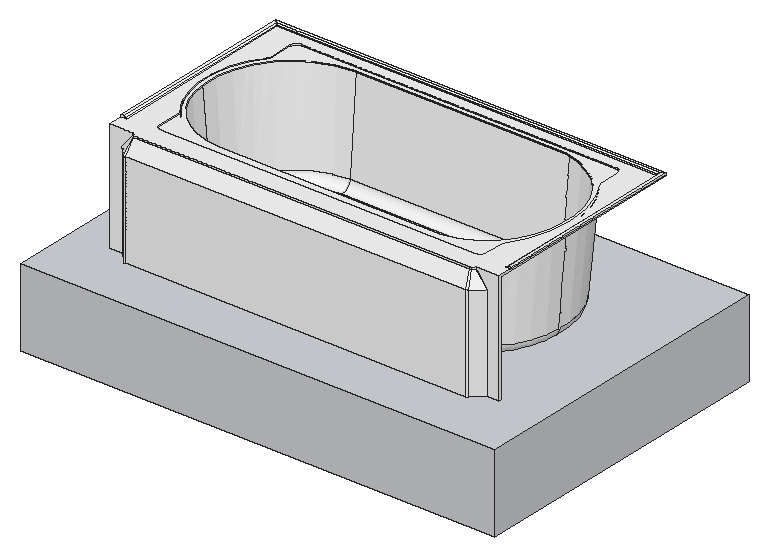
Revit family
Parameters (values of type "Cast_Iron-Safeguard-White-0")
  Width = 5' - 0"
  Waste Connection = yes
  WFU = 0
  Voltage = 220 V
  URL = "http://www.us.kohler.com"
  Sanitary Radius = 3/4"
  Sanitary Diameter = Sanitary Radius * 2  # 1 1/2"
  Sanitary Connector = "Sanitary Connection"  # constant formula
  Product Page URL = "http://www.us.kohler.com/onlinecatalog/detail.jsp?item=15670902&section=2&category=10"
  Product Documentation Link = "http://www.us.kohler.com/onlinecatalog/pdf/1143443_4.pdf"
  Phase = 1
  Model = "K-723-G0"  # constant formula
  Manufacturer = "Kohler"  # constant formula
  Length = 2' - 9 3/4"
  Height = 1' - 5 7/16"
  Frequency = 50 Hz
  Finish = Cast_Iron-Safeguard-Kohler-0-White
  Electrical Disconnect = no
  Electrical Connector = "Electrical Connection"  # constant formula
  Description = "Memoirs(R) 5' BubbleMassage(TM) baths with left-hand drain and White airjet color finish"  # constant formula
  Default Elevation = 0' - 0"
  Created By = "http://www.medialab3dstudio.com/"
  Cost = 1
  Assembly Code = "D2010510"
  Apparent Load = 0 VA
  ADA Compliant = no
Types (3): name | Finish
  (no name) | Cast_Iron-Safeguard-Kohler-0-White
  Cast_Iron-Safeguard-White-0 | Cast_Iron-Safeguard-Kohler-0-White
  Cast_Iron-Safeguard-Sea_Salt-FF | Cast_Iron-Safeguard-Kohler-FF-Sea_Salt
Reference planes (in)
  plane 1 "Back": y = 0
  plane 2 "Bottom": z = 0
  plane 3 "Center (Left/Right)": x = 0
  plane 4 "Left": x = -30
  plane 5 "Right": x = 30
  plane 6 "Center (Front/Back)": y = -16.875
  plane 7 "Front": y = -33.75
  plane 8 "Top": z = 17.4375
  plane 9: z = 16.9375
  plane 10: z = 17.1875
  plane 11: y = -32.03104
  plane 12: y = -31.7211
  plane 13: z = 14.72145
  plane 14: x = -28.16965
  plane 15: x = -26.61
  plane 16: x = -26.17231
  plane 17: x = 26.22224
  plane 18: x = 26.59693
  plane 19: x = 28.15659
  plane 20: x = 21.5
  plane 21: y = -16
  plane 22: z = 0.93861
  plane 23: z = 0.81359
  plane 24: z = 16.65238
  plane 25: y = -26.03215
  plane 26: y = -28.88016
  plane 27: y = -28.75468
  plane 28: z = 2.30923
  plane 29: y = -27.62443
  plane 30: y = -27.49982
  plane 31: y = -26.62627
  plane 32: y = -26.12627
  plane 33: x = 15.75
  plane 34: x = 13.75
  plane 35: y = -5.38045
  plane 36: y = -5.88045
  plane 37: x = -16.75
  plane 38: x = -14.75
  plane 39: y = -26.62627
  plane 40: y = -26.12627
  plane 41: y = -5.38045
  plane 42: y = -5.88045
  plane 43: z = 17.0625
  plane 44: z = 17.38026
  plane 45: z = 17.27231
  plane 46: x = -29.1875
  plane 47: x = -36
  plane 48: x = -35
  plane 49: y = -32.03104
  plane 50: y = -28.48711
  plane 51: x = -29.1875
  plane 52: x = 29.1875
  plane 53: x = 35
  plane 54: x = 36
  plane 55: x = -21.5
  plane 56: x = -21.5
Forms (in)
  Extrusion 1, solid
    sketch origin (0, 0, 0) x (1, 0, 0) y (0, 1, 0)
      loop
        line (-36, 7) -> (-36, -41.73328) -> (37.16759, -41.73328) -> (37.16759, 7) -> (-36, 7)
    from 0 to -12
  Extrusion 2, solid, material "Cast_Iron-Safeguard-Kohler-0-White" <- "Finish"
    sketch origin (0, 0, 0) x (1, 0, 0) y (0, 1, 0)
      loop
        line (-30, 0) -> (-30, -32.03104) -> (-26.45525, -32.03104)
        arc (-26.45525, -32.03104) -> (-26.40103, -32.06281) -> (-26.35358, -32.10401) r 0.34029
        line (-26.35358, -32.10401) -> (-26.04734, -32.41025)
        arc (-26.04734, -32.41025) -> (-25.95708, -32.47133) -> (-25.85059, -32.49447) r 0.28782
        line (-25.85059, -32.49447) -> (25.84136, -32.49447)
        arc (25.84136, -32.49447) -> (25.97142, -32.45962) -> (26.08172, -32.38239) r 0.3877
        line (26.08172, -32.38239) -> (26.38734, -32.07676)
        arc (26.38734, -32.07676) -> (26.42033, -32.05161) -> (26.45636, -32.03104) r 0.31264
        line (26.45636, -32.03104) -> (30, -32.03104) -> (30, 0) -> (-30, 0)
      loop
        arc (24.29901, -29.54823) -> (25.00612, -29.25534) -> (25.29901, -28.54823) r 1
        line (25.29901, -28.54823) -> (25.29901, -25.53103)
        arc (25.29901, -25.53103) -> (28.29803, -16.06443) -> (25.29901, -6.59782) r 16.44051
        line (25.29901, -6.59782) -> (25.29901, -3.45236)
        arc (25.29901, -3.45236) -> (25.00612, -2.74525) -> (24.29901, -2.45236) r 1
        line (24.29901, -2.45236) -> (-24.04737, -2.45236)
        arc (-24.04737, -2.45236) -> (-24.75447, -2.74525) -> (-25.04737, -3.45236) r 1
        line (-25.04737, -3.45236) -> (-25.04737, -7.27211)
        arc (-25.04737, -7.27211) -> (-28.04562, -16.00015) -> (-25.04737, -24.72818) r 14.20294
        line (-25.04737, -24.72818) -> (-25.04737, -28.49932)
        arc (-25.04737, -28.49932) -> (-24.74015, -29.24101) -> (-23.99846, -29.54823) r 1.04891
        line (-23.99846, -29.54823) -> (24.29901, -29.54823)
    from 16.9375 to 17.1875
  Extrusion 3, solid, material "Cast_Iron-Safeguard-Kohler-0-White" <- "Finish"
    sketch origin (0, 0, 0) x (1, 0, 0) y (0, 1, 0)
      loop
        line (-25.04737, -24.72818) -> (-25.04737, -28.49932)
        arc (-25.04737, -28.49932) -> (-24.74015, -29.24101) -> (-23.99846, -29.54823) r 1.04891
        line (-23.99846, -29.54823) -> (24.29901, -29.54823)
        arc (24.29901, -29.54823) -> (25.00612, -29.25534) -> (25.29901, -28.54823) r 1
        line (25.29901, -28.54823) -> (25.29901, -25.53103)
        arc (25.29901, -25.53103) -> (28.29803, -16.06443) -> (25.29901, -6.59782) r 16.44051
        line (25.29901, -6.59782) -> (25.29901, -3.45236)
        arc (25.29901, -3.45236) -> (25.00612, -2.74525) -> (24.29901, -2.45236) r 1
        line (24.29901, -2.45236) -> (-24.04737, -2.45236)
        arc (-24.04737, -2.45236) -> (-24.75447, -2.74525) -> (-25.04737, -3.45236) r 1
        line (-25.04737, -3.45236) -> (-25.04737, -7.27211)
        arc (-25.04737, -7.27211) -> (-28.04562, -16.00015) -> (-25.04737, -24.72818) r 14.20294
      loop
        arc (-27.29737, -16.875) -> (-23.97934, -24.88543) -> (-15.96891, -28.20345) r 11.32845
        line (-15.96891, -28.20345) -> (18.03109, -28.20345)
        arc (18.03109, -28.20345) -> (24.96807, -24.34325) -> (27.66034, -16.875) r 11.31277
        arc (27.66034, -16.875) -> (25.19543, -7.99083) -> (17.26878, -3.28207) r 12.36438
        line (17.26878, -3.28207) -> (-15.48122, -3.28207)
        arc (-15.48122, -3.28207) -> (-24.2827, -7.56333) -> (-27.29737, -16.875) r 12.49351
    from 16.9375 to 17.0625
  Extrusion 4, solid, material "Cast_Iron-Safeguard-Kohler-0-White" <- "Finish"
    sketch origin (0, 0, 0) x (0, 1, 0) y (0, 0, 1)
      loop
        line (-31.7211, 0) -> (-31.7211, 16.9375) -> (-32.03104, 16.9375) -> (-32.03104, 0) -> (-31.7211, 0)
    from -30 to 30
  Extrusion 5, solid, material "Cast_Iron-Safeguard-Kohler-0-White" <- "Finish"
    sketch origin (0, 0, 0) x (1, 0, 0) y (0, 1, 0)
      loop
        line (-28.16965, -32.03104) -> (-26.61, -33.5907)
        arc (-26.61, -33.5907) -> (-26.40881, -33.71886) -> (-26.17231, -33.75) r 0.55106
        line (-26.17231, -33.75) -> (26.22224, -33.75)
        arc (26.22224, -33.75) -> (26.41468, -33.71314) -> (26.57987, -33.60776) r 0.52072
        line (26.57987, -33.60776) -> (28.15659, -32.03104) -> (-28.16965, -32.03104)
    from 0 to 14.72145
  Sweep 6, solid, material "Cast_Iron-Safeguard-Kohler-0-White" <- "Finish"
    path in 3D
      loop
        arc (-15.96891, -28.20345, 17.0625) -> (-23.97934, -24.88543, 17.0625) -> (-27.29737, -16.875, 17.0625) r 11.32845
        arc (-27.29737, -16.875, 17.0625) -> (-24.2827, -7.56333, 17.0625) -> (-15.48122, -3.28207, 17.0625) r 12.49351
        line (-15.48122, -3.28207, 17.0625) -> (17.26878, -3.28207, 17.0625)
        arc (17.26878, -3.28207, 17.0625) -> (25.19543, -7.99083, 17.0625) -> (27.66034, -16.875, 17.0625) r 12.36438
        arc (27.66034, -16.875, 17.0625) -> (24.96807, -24.34325, 17.0625) -> (18.03109, -28.20345, 17.0625) r 11.31277
        line (18.03109, -28.20345, 17.0625) -> (-15.96891, -28.20345, 17.0625)
    profile origin (1.03109, -28.20345, 17.0625) x (0, -1, 0) y (0, 0, 1)
      loop
        line (0.71268, -0.125) -> (0.5872, -0.125) -> (-0.70363, -14.75327)
        arc (-0.70363, -14.75327) -> (-1.17469, -15.71997) -> (-2.1713, -16.12389) r 1.50177
        line (-2.1713, -16.12389) -> (-2.1713, -16.24891)
        arc (-2.1713, -16.24891) -> (-1.09024, -15.81213) -> (-0.57911, -14.76417) r 1.62677
        line (-0.57911, -14.76417) -> (0.71268, -0.125)
  Extrusion 7, solid, material "Cast_Iron-Safeguard-Kohler-0-White" <- "Finish"
    sketch origin (0, 0, 0) x (1, 0, 0) y (0, 1, 0)
      loop
        arc (-25.12556, -16.77841) -> (-22.47806, -23.31584) -> (-15.96891, -26.03215) r 9.15715
        line (-15.96891, -26.03215) -> (17.86001, -26.03215)
        arc (17.86001, -26.03215) -> (23.40604, -22.82659) -> (25.48655, -16.76808) r 9.14146
        arc (25.48655, -16.76808) -> (23.55916, -9.42734) -> (17.09317, -5.45337) r 10.19308
        line (17.09317, -5.45337) -> (-15.42405, -5.45337)
        arc (-15.42405, -5.45337) -> (-22.69287, -9.04447) -> (-25.12556, -16.77841) r 10.32221
    from 0.81359 to 0.93861
  Blend 8, solid, material "Cast_Iron-Safeguard-Kohler-0-White" <- "Finish"
    base sketch origin (0, 0, 0) x (1, 0, 0) y (0, 1, 0)
      loop
        line (-28.16965, -32.03104) -> (-26.61, -33.5907)
        arc (-26.61, -33.5907) -> (-26.40881, -33.71886) -> (-26.17231, -33.75) r 0.55106
        line (-26.17231, -33.75) -> (26.22224, -33.75)
        arc (26.22224, -33.75) -> (26.41468, -33.71314) -> (26.57987, -33.60776) r 0.52072
        line (26.57987, -33.60776) -> (28.15659, -32.03104) -> (-28.16965, -32.03104)
    top sketch origin (0, 0, 0) x (1, 0, 0) y (0, 1, 0)
      loop
        line (-26.35358, -32.10401) -> (-26.04734, -32.41025)
        arc (-26.04734, -32.41025) -> (-25.95708, -32.47133) -> (-25.85059, -32.49447) r 0.28782
        line (-25.85059, -32.49447) -> (25.84136, -32.49447)
        arc (25.84136, -32.49447) -> (25.97142, -32.45962) -> (26.08172, -32.38239) r 0.3877
        line (26.08172, -32.38239) -> (26.38734, -32.07676)
        arc (26.38734, -32.07676) -> (26.42033, -32.05161) -> (26.45636, -32.03104) r 0.31264
        line (26.45636, -32.03104) -> (-26.45525, -32.03104)
        arc (-26.45525, -32.03104) -> (-26.40103, -32.06281) -> (-26.35358, -32.10401) r 0.34029
    from 14.72145 to 16.9375
  Extrusion 9, solid, material "Cast_Iron-Safeguard-Kohler-0-White" <- "Finish"
    sketch origin (0, 0, 0) x (0, 1, 0) y (0, 0, 1)
      loop
        line (-26.12627, 0) -> (-26.12627, 0.93861) -> (-26.62627, 0.93861) -> (-26.62627, 0) -> (-26.12627, 0)
      loop
        line (-5.88045, 0.81359) -> (-5.88045, 0) -> (-5.38045, 0) -> (-5.38045, 0.81359) -> (-5.88045, 0.81359)
    from 13.75 to 15.75
  Extrusion 10, solid, material "Cast_Iron-Safeguard-Kohler-0-White" <- "Finish"
    sketch origin (0, 0, 0) x (0, 1, 0) y (0, 0, 1)
      loop
        line (-26.12627, 0) -> (-26.12627, 0.93861) -> (-26.62627, 0.93861) -> (-26.62627, 0) -> (-26.12627, 0)
      loop
        line (-5.88045, 0.81359) -> (-5.88045, 0) -> (-5.38045, 0) -> (-5.38045, 0.81359) -> (-5.88045, 0.81359)
    from -16.75 to -14.75
  Sweep 11, solid, material "Cast_Iron-Safeguard-Kohler-0-White" <- "Finish"
    path in 3D
      loop
        line (30, -29.80578, 17.1875) -> (30, 0, 17.1875) -> (-30, 0, 17.1875) -> (-30, -29.8029, 17.1875)
    profile origin (-30, -14.90145, 17.1875) x (1, 0, 0) y (0, 0, 1)
      loop
        line (0, 0) -> (0.8125, 0)
        arc (0.8125, 0) -> (0.71759, 0.03644) -> (0.62817, 0.08481) r 0.78753
        arc (0.62817, 0.08481) -> (0.51805, 0.14534) -> (0.40169, 0.19276) r 1.08749
        arc (0.40169, 0.19276) -> (0.20354, 0.24028) -> (0, 0.25) r 1.08749
        line (0, 0.25) -> (0, 0)
  Extrusion 12, solid, material "Cast_Iron-Safeguard-Kohler-0-White" <- "Finish", not visible
    sketch origin (71, 0, 0) x (1, 0, 0) y (0, 0, 1)
      loop
        line (-36, 14.72145) -> (-36, 12.72145) -> (-35, 12.72145) -> (-35, 14.72145) -> (-36, 14.72145)
    from 16 to 16.875
  Extrusion 13, void
    sketch origin (0, 0, 0) x (-1, 0, 0) y (0, -1, 0)
      loop
        arc (20.75, 16) -> (20.96967, 15.46967) -> (21.5, 15.25) r 0.75
        arc (21.5, 15.25) -> (22.03033, 15.46967) -> (22.25, 16) r 0.75
        arc (22.25, 16) -> (22.03033, 16.53033) -> (21.5, 16.75) r 0.75
        arc (21.5, 16.75) -> (20.96967, 16.53033) -> (20.75, 16) r 0.75
    from 0.81359 to 0.93861
Cuts and joins
  Extrusion 13 cuts Extrusion 2
  Extrusion 13 cuts Extrusion 3
  Extrusion 13 cuts Extrusion 4
  Extrusion 13 cuts Extrusion 5
  Extrusion 13 cuts Sweep 6
  Extrusion 13 cuts Extrusion 7
  Extrusion 13 cuts Blend 8
  joined: Extrusion 2, Extrusion 3, Extrusion 4, Extrusion 5, Sweep 6, Extrusion 7, Blend 8
  joined: Extrusion 9, Extrusion 10
Lines and regions (in)
  Masking region 1, detail levels coarse
    outline origin (0, 0, 0) x (1, 0, 0) y (0, 1, 0)
      loop
        line (-30, 0) -> (-30, -33.75) -> (30, -33.75) -> (30, 0) -> (-30, 0)
  Masking region 2, detail levels medium+fine
    outline origin (0, 0, 0) x (1, 0, 0) y (0, 1, 0)
      loop
        line (-28.16965, -32.03104) -> (-26.61, -33.5907)
        arc (-26.61, -33.5907) -> (-26.40881, -33.71886) -> (-26.17231, -33.75) r 0.55106
        line (-26.17231, -33.75) -> (26.22224, -33.75)
        arc (26.22224, -33.75) -> (26.41468, -33.71314) -> (26.57987, -33.60776) r 0.52072
        line (26.57987, -33.60776) -> (28.15659, -32.03104) -> (30, -32.03104) -> (30, 0) -> (-30, 0) -> (-30, -32.03104) -> (-28.16965, -32.03104)
  Masking region 3, detail levels fine
    outline origin (0, 0, 0) x (1, 0, 0) y (0, 1, 0)
      loop
        arc (17.86001, -26.03215) -> (23.40604, -22.82659) -> (25.48655, -16.76808) r 9.14146
        arc (25.48655, -16.76808) -> (23.55916, -9.42734) -> (17.09317, -5.45337) r 10.19308
        line (17.09317, -5.45337) -> (-15.42405, -5.45337)
        arc (-15.42405, -5.45337) -> (-22.69287, -9.04447) -> (-25.12556, -16.77841) r 10.32221
        arc (-25.12556, -16.77841) -> (-22.47806, -23.31584) -> (-15.96891, -26.03215) r 9.15715
        line (-15.96891, -26.03215) -> (17.86001, -26.03215)
      loop
        line (-25.04737, -24.72818) -> (-25.04737, -28.49932)
        arc (-25.04737, -28.49932) -> (-24.74015, -29.24101) -> (-23.99846, -29.54823) r 1.04891
        line (-23.99846, -29.54823) -> (24.29901, -29.54823)
        arc (24.29901, -29.54823) -> (25.00612, -29.25534) -> (25.29901, -28.54823) r 1
        line (25.29901, -28.54823) -> (25.29901, -25.53103)
        arc (25.29901, -25.53103) -> (28.29803, -16.06443) -> (25.29901, -6.59782) r 16.44051
        line (25.29901, -6.59782) -> (25.29901, -3.45236)
        arc (25.29901, -3.45236) -> (25.00612, -2.74525) -> (24.29901, -2.45236) r 1
        line (24.29901, -2.45236) -> (-24.04737, -2.45236)
        arc (-24.04737, -2.45236) -> (-24.75447, -2.74525) -> (-25.04737, -3.45236) r 1
        line (-25.04737, -3.45236) -> (-25.04737, -7.27211)
        arc (-25.04737, -7.27211) -> (-28.04562, -16.00015) -> (-25.04737, -24.72818) r 14.20294
      loop
        arc (-21.5, -15.25) -> (-22.03033, -15.46967) -> (-22.25, -16) r 0.75
        arc (-22.25, -16) -> (-22.03033, -16.53033) -> (-21.5, -16.75) r 0.75
        arc (-21.5, -16.75) -> (-20.96967, -16.53033) -> (-20.75, -16) r 0.75
        arc (-20.75, -16) -> (-20.96967, -15.46967) -> (-21.5, -15.25) r 0.75
  Masking region 4
    outline origin (0, 0, 0) x (1, 0, 0) y (0, 0, 1)
      loop
        line (-30, 17.4375) -> (-30, 0) -> (30, 0) -> (30, 17.4375) -> (-30, 17.4375)
  Masking region 5, detail levels coarse
    outline origin (0, 0, 0) x (0, 1, 0) y (0, 0, 1)
      loop
        line (-33.75, 17.4375) -> (-33.75, 0) -> (0, 0) -> (0, 17.4375) -> (-33.75, 17.4375)
  sketch lines
    curve 1: line (18.03109, -28.20345, 17.0625) -> (-15.96891, -28.20345, 17.0625)
    curve 2: arc (-27.29737, -16.875, 17.0625) -> (-23.97934, -24.88543, 17.0625) -> (-15.96891, -28.20345, 17.0625) r 11.32845
    curve 3: arc (-15.48122, -3.28207, 17.0625) -> (-24.2827, -7.56333, 17.0625) -> (-27.29737, -16.875, 17.0625) r 12.49351
    curve 4: line (-15.48122, -3.28207, 17.0625) -> (17.26878, -3.28207, 17.0625)
    curve 5: arc (27.66034, -16.875, 17.0625) -> (25.19543, -7.99083, 17.0625) -> (17.26878, -3.28207, 17.0625) r 12.36438
    curve 6: arc (18.03109, -28.20345, 17.0625) -> (24.96807, -24.34325, 17.0625) -> (27.66034, -16.875, 17.0625) r 11.31277
    curve 7: line (-30, 0, 17.1875) -> (-30, -29.8029, 17.1875)
    curve 8: line (30, 0, 17.1875) -> (-30, 0, 17.1875)
    curve 9: line (30, -29.80578, 17.1875) -> (30, 0, 17.1875)
  symbolic lines, style "Masking Lines", detail levels fine
    curve 10: arc (-30, -29.8029, 0) -> (-29.76858, -29.83685, 0) -> (-29.58515, -29.69174, 0) r 0.29509
    curve 11: arc (-29.58515, -29.69174, 0) -> (-29.33344, -29.10688, 0) -> (-29.1875, -28.48711, 0) r 3.63958
    curve 12: line (-29.1875, -0.8125, 0) -> (-29.1875, -28.48711, 0)
    curve 13: line (29.1875, -0.8125, 0) -> (-29.1875, -0.8125, 0)
    curve 14: line (29.1875, -28.48711, 0) -> (29.1875, -0.8125, 0)
    curve 15: arc (30, -29.8029, 0) -> (29.76858, -29.83685, 0) -> (29.58515, -29.69174, 0) r 0.29509
    curve 16: arc (29.58515, -29.69174, 0) -> (29.33344, -29.10688, 0) -> (29.1875, -28.48711, 0) r 3.63958
    curve 21: arc (-30, -33.75, 17.4375) -> (-29.79646, -33.75, 17.42778) -> (-29.59831, -33.75, 17.38026) r 1.08749
    curve 22: arc (-29.59831, -33.75, 17.38026) -> (-29.48195, -33.75, 17.33284) -> (-29.37183, -33.75, 17.27231) r 1.08749
    curve 23: arc (-29.37183, -33.75, 17.27231) -> (-29.28241, -33.75, 17.22394) -> (-29.1875, -33.75, 17.1875) r 0.78753
    curve 24: line (30, 0, 17.1875) -> (-30, 0, 17.1875)
    curve 25: arc (29.59831, -33.75, 17.38026) -> (29.48195, -33.75, 17.33284) -> (29.37183, -33.75, 17.27231) r 1.08749
    curve 26: arc (30, -33.75, 17.4375) -> (29.79646, -33.75, 17.42778) -> (29.59831, -33.75, 17.38026) r 1.08749
    curve 27: arc (29.37183, -33.75, 17.27231) -> (29.28241, -33.75, 17.22394) -> (29.1875, -33.75, 17.1875) r 0.78753
    curve 28: line (28.15659, -33.75, 14.72145) -> (-28.16965, -33.75, 14.72145)
    curve 52: line (0, -32.03104, 16.9375) -> (0, -32.03104, 0)
    curve 53: line (0, -32.03104, 14.72145) -> (0, -33.75, 14.72145)
    curve 54: arc (0, -26.62627, 0.93716) -> (0, -26.38092, 0.85654) -> (0, -26.12627, 0.81359) r 1.71881
    curve 55: line (0, -31.7211, 16.9375) -> (0, -32.49447, 16.9375)
    curve 56: line (0, -28.91613, 16.9375) -> (0, -2.56939, 16.9375)
    curve 57: line (0, -5.38045, 0.81359) -> (0, -5.88045, 0.81359)
    curve 58: line (0, -29.80578, 17.1875) -> (0, 0, 17.1875)
    curve 70: line (28.2479, 0, 16.9375) -> (-27.88454, 0, 16.9375)
  symbolic lines, style "Masking Lines", detail levels medium+fine
    curve 17: line (-28.16965, -33.75, 14.72145) -> (-28.16965, -33.75, 0)
    curve 18: line (-28.16965, -33.75, 14.72145) -> (-26.35358, -33.75, 16.9375)
    curve 19: line (28.15659, -33.75, 0) -> (28.15659, -33.75, 14.72145)
    curve 20: line (28.15659, -33.75, 14.72145) -> (26.38734, -33.75, 16.9375)
    curve 29: line (0, -33.75, 14.72145) -> (0, -33.75, 0)
    curve 30: line (0, -33.75, 0) -> (0, -31.7211, 0)
    curve 31: line (0, -31.7211, 0) -> (0, -31.7211, 16.9375)
    curve 32: line (0, -32.49447, 16.9375) -> (0, -33.75, 14.72145)
    curve 33: line (0, -32.49447, 17.1875) -> (0, -32.49447, 16.9375)
    curve 34: line (0, -29.80578, 17.1875) -> (0, -29.80578, 17.4375)
    curve 36: line (0, 0, 16.9375) -> (0, 0, 17.4375)
    curve 37: line (0, 0, 17.4375) -> (0, -29.80578, 17.4375)
    curve 38: line (0, -3.86129, 2.29712) -> (0, -2.56939, 16.9375)
    curve 39: arc (0, -3.86129, 2.29712) -> (0, -4.34633, 1.27513) -> (0, -5.38045, 0.8165) r 1.62677
    curve 40: line (0, -5.38045, 0) -> (0, -5.38045, 0.8165)
    curve 41: line (0, -5.88045, 0) -> (0, -5.38045, 0)
    curve 42: line (0, -5.88045, 0.81359) -> (0, -5.88045, 0)
    curve 43: line (0, -26.12627, 0.81359) -> (0, -5.88045, 0.81359)
    curve 44: line (0, -26.12627, 0) -> (0, -26.12627, 0.81359)
    curve 45: line (0, -26.62627, 0) -> (0, -26.12627, 0)
    curve 46: line (0, -26.62627, 0.93716) -> (0, -26.62627, 0)
    curve 47: arc (0, -27.62424, 2.29713) -> (0, -27.31529, 1.47769) -> (0, -26.62627, 0.93716) r 1.62677
    curve 48: line (0, -28.91613, 16.9375) -> (0, -27.62424, 2.29713)
    curve 49: line (0, -28.91613, 16.9375) -> (0, -31.7211, 16.9375)
    curve 50: line (0, -29.80578, 17.1875) -> (0, -32.49447, 17.1875)
    curve 51: line (0, -2.56939, 16.9375) -> (0, 0, 16.9375)
    curve 59: line (30, 0, 16.9375) -> (28.2479, 0, 16.9375)
    curve 60: line (15.75, 0, 0) -> (15.75, 0, 0.93861)
    curve 61: line (13.75, 0, 0.93861) -> (13.75, 0, 0)
    curve 62: line (-14.75, 0, 0) -> (-14.75, 0, 0.93861)
    curve 63: line (-16.75, 0, 0.93861) -> (-16.75, 0, 0)
    curve 64: line (25.47728, 0, 0.93861) -> (-25.12143, 0, 0.93861)
    curve 65: spline (25.47728, 0, 0.93861) -> (25.6592, 0, 0.95177) -> (25.83818, 0, 0.98691) -> (26.01159, 0, 1.04352) -> (26.17686, 0, 1.12074) -> (26.33157, 0, 1.21746) -> (26.47343, 0, 1.33224) -> (26.60034, 0, 1.46338) -> (26.71044, 0, 1.60896) -> (26.80211, 0, 1.76683) -> (26.87399, 0, 1.93466) -> (26.92502, 0, 2.10998) -> (26.95445, 0, 2.29019)
    curve 66: line (26.95445, 0, 2.29019) -> (28.2479, 0, 16.9375)
    curve 67: spline (-25.12143, 0, 0.93861) -> (-25.30551, 0, 0.95282) -> (-25.48646, 0, 0.98955) -> (-25.66154, 0, 1.04823) -> (-25.82811, 0, 1.12798) -> (-25.98363, 0, 1.22759) -> (-26.12576, 0, 1.34555) -> (-26.25235, 0, 1.48009) -> (-26.36148, 0, 1.62917) -> (-26.45151, 0, 1.79052) -> (-26.52108, 0, 1.96172) -> (-26.56912, 0, 2.14017) -> (-26.59492, 0, 2.32317)
    curve 68: line (-26.59492, 0, 2.32317) -> (-27.88454, 0, 16.9375)
    curve 69: line (-30, 0, 16.9375) -> (-27.88454, 0, 16.9375)
    curve 71: line (26.38734, -33.75, 16.9375) -> (-26.35358, -33.75, 16.9375)
  symbolic lines, style "Masking Lines"
    curve 35: line (0, 0, 17.4375) -> (0, -29.80578, 17.4375)
Dimensions and locks (in)
  equal spacing: plane 4 "Left", plane 3 "Center (Left/Right)", plane 5 "Right"
  "Width": plane 4 "Left" to plane 5 "Right"
  equal spacing: plane 7 "Front", plane 6 "Center (Front/Back)", plane 1 "Back"
  "Length": plane 7 "Front" to plane 1 "Back"
  "Height": plane 8 "Top" to plane 2 "Bottom"
  plane 9 to plane 8 "Top" = 0' - 0 1/2"
  plane 8 "Top" to plane 10 to plane 9 = 0' - 0 1/4", 0' - 0 1/4"
  cut or joined group of Extrusion 2, Extrusion 3, Extrusion 4, Extrusion 5, Sweep 6, Extrusion 7, Blend 8, Extrusion 13 to plane 2 "Bottom" = 1' - 4 15/16"
  plane 7 "Front" to plane 11 to plane 12 = 0' - 1.71896" locked, 0' - 0.30995" locked
  locked: plane 9 to plane 13 at 2.21605
  plane 4 "Left" to plane 14 to plane 15 to plane 16 = 0' - 1.83035" locked, 0' - 1.55965" locked, 0' - 0.43768" locked
  plane 17 to plane 18 to plane 19 to plane 5 "Right" = 0' - 0.3747" locked, 0' - 1.55965" locked, 0' - 1.84341" locked
  plane 1 "Back" to plane 21 to plane 6 "Center (Front/Back)" = 1' - 4", 0' - 0 7/8"
  plane 22 to plane 23 to plane 2 "Bottom" = 0' - 0.12502" locked, 0' - 0.81359" locked
  locked: plane 7 "Front" to plane 25 at 7.71785
  locked: plane 24 to plane 9 at 0.28512
  plane 7 "Front" to plane 26 to plane 27 = 0' - 4.86984" locked, 0' - 0.12548" locked
  locked: plane 22 to plane 28 at 1.37062
  plane 29 to plane 30 to plane 25 = 0' - 0.12461" locked, 0' - 1.46767" locked
  plane 7 "Front" to plane 31 to plane 32 = 0' - 7.12373" locked, 0' - 0 1/2" locked
  plane 34 to plane 33 to plane 5 "Right" = 0' - 2" locked, 1' - 2 1/4" locked
  plane 36 to plane 35 to plane 1 "Back" = 0' - 0 1/2" locked, 0' - 5.38045" locked
  plane 38 to plane 37 to plane 4 "Left" = 0' - 2" locked, 1' - 1 1/4" locked
  locked: plane 39 to plane 40 at 0.5
  locked: plane 42 to plane 41 at 0.5
  plane 10 to plane 43 to plane 9 = 0' - 0 1/8", 0' - 0 1/8"
  plane 46 to profile plane = 0' - 0 13/16"
  plane 44 to plane 45 to profile plane = 0' - 0.10795" locked, 0' - 0.08481" locked
  plane 47 to cut or joined group of Extrusion 2, Extrusion 3, Extrusion 4, Extrusion 5, Sweep 6, Extrusion 7, Blend 8, Extrusion 13 = 0' - 6"
  plane 47 to plane 48 to cut or joined group of Extrusion 2, Extrusion 3, Extrusion 4, Extrusion 5, Sweep 6, Extrusion 7, Blend 8, Extrusion 13 = 0' - 1", 0' - 5"
  locked: plane 7 "Front" to plane 49 at 1.71896
  locked: plane 4 "Left" to plane 51 at 0.8125
  locked: plane 52 to plane 5 "Right" at 0.8125
  plane 5 "Right" to plane 53 to plane 54 = 0' - 5" locked, 0' - 1" locked
  locked: plane 4 "Left" to plane 55 at 8.5
  locked: plane 4 "Left" to plane 56 at 8.5
  aligned and locked: plane 2 "Bottom" to Extrusion 1
  aligned and locked: level to Extrusion 1
  aligned and locked: plane 9 to Extrusion 2
  aligned: Extrusion 2 to plane 8 "Top"
  aligned and locked: Extrusion 3 sketch curve to Extrusion 2  (x7)
  aligned: Extrusion 3 to plane 10
  aligned and locked: plane 9 to Extrusion 3
  aligned and locked: Extrusion 4 sketch curve to plane 9
  aligned and locked: plane 2 "Bottom" to Extrusion 4 sketch curve
  aligned and locked: plane 12 to Extrusion 4 sketch curve
  aligned and locked: plane 11 to Extrusion 4 sketch curve
  aligned and locked: Extrusion 4 to plane 4 "Left"
  aligned and locked: plane 5 "Right" to Extrusion 4
  aligned and locked: Extrusion 4 to Extrusion 5 sketch curve
  aligned and locked: Extrusion 5 to plane 2 "Bottom"
  aligned and locked: Extrusion 5 to plane 13
  aligned and locked: plane 14 to Extrusion 5 sketch curve
  aligned and locked: plane 15 to Extrusion 5 sketch curve
  aligned and locked: plane 16 to Extrusion 5 sketch curve
  aligned and locked: plane 17 to Extrusion 5 sketch curve
  aligned and locked: plane 19 to Extrusion 5 sketch curve
  aligned and locked: plane 7 "Front" to Extrusion 5 sketch curve  (x2)
  aligned and locked: Extrusion 7 sketch curve to Sweep 6  (x6)
  aligned and locked: plane 23 to Extrusion 7
  aligned and locked: Extrusion 7 to plane 22
  aligned and locked: plane 25 to Sweep 6 sketch curve
  aligned and locked: plane 22 to Sweep 6 sketch curve
  aligned and locked: plane 23 to Sweep 6 sketch curve
  aligned and locked: plane 28 to Sweep 6 sketch curve
  aligned and locked: plane 30 to Sweep 6 sketch curve
  aligned and locked: Blend 8 sketch curve to cut or joined group of Extrusion 2, Extrusion 3, Extrusion 4, Extrusion 5, Sweep 6, Extrusion 7, Blend 8, Extrusion 13  (x10)
  aligned and locked: Blend 8 to plane 13
  aligned and locked: Blend 8 to plane 9
  aligned and locked: plane 22 to Extrusion 9 sketch curve
  aligned and locked: plane 2 "Bottom" to Extrusion 9 sketch curve
  aligned and locked: Extrusion 9 sketch curve to plane 32
  aligned and locked: Extrusion 9 sketch curve to plane 31
  aligned and locked: Extrusion 9 to plane 33
  aligned and locked: plane 34 to Extrusion 9
  aligned and locked: Extrusion 10 sketch curve to plane 40
  aligned and locked: Extrusion 10 sketch curve to plane 39
  aligned and locked: Extrusion 10 to plane 38
  aligned and locked: plane 37 to Extrusion 10
  aligned and locked: Extrusion 10 to plane 22
  aligned and locked: Extrusion 10 to plane 2 "Bottom"
  aligned and locked: cut or joined group of Extrusion 2, Extrusion 3, Extrusion 4, Extrusion 5, Sweep 6, Extrusion 7, Blend 8, Extrusion 13 to plane 43
  aligned and locked: plane 9 to Sweep 6 sketch curve
  aligned and locked: Sweep 11 sketch curve to profile plane
  aligned and locked: profile plane to Sweep 11 sketch curve  (x2)
  aligned and locked: plane 8 "Top" to Sweep 11 sketch curve
  aligned and locked: plane 46 to Sweep 11 sketch curve
  aligned and locked: plane 44 to Sweep 11 sketch curve
  aligned and locked: plane 45 to Sweep 11 sketch curve
  aligned and locked: plane 4 "Left" to Masking region 1 sketch curve
  aligned and locked: plane 1 "Back" to Masking region 1 sketch curve
  aligned and locked: Masking region 1 sketch curve to plane 5 "Right"
  aligned and locked: Masking region 1 sketch curve to plane 7 "Front"
  aligned and locked: Masking region 2 sketch curve to cut or joined group of Extrusion 2, Extrusion 3, Extrusion 4, Extrusion 5, Sweep 6, Extrusion 7, Blend 8, Extrusion 13  (x6)
  aligned and locked: Masking region 2 sketch curve to Sweep 11  (x2)
  aligned and locked: Masking region 2 sketch curve to plane 49
  aligned and locked: plane 49 to Masking region 2 sketch curve
  aligned and locked: Masking region 3 sketch curve to cut or joined group of Extrusion 2, Extrusion 3, Extrusion 4, Extrusion 5, Sweep 6, Extrusion 7, Blend 8, Extrusion 13  (x8)
  aligned and locked: curve 12 to Sweep 11
  aligned and locked: curve 13 to Sweep 11
  aligned and locked: Sweep 11 to curve 14
  aligned and locked: plane 4 "Left" to curve 10
  aligned and locked: plane 5 "Right" to curve 15
  aligned and locked: plane 51 to curve 12
  aligned and locked: plane 50 to curve 12
  aligned and locked: plane 50 to curve 14
  aligned and locked: plane 8 "Top" to Masking region 4 sketch curve
  aligned and locked: plane 4 "Left" to Masking region 4 sketch curve
  aligned and locked: plane 2 "Bottom" to Masking region 4 sketch curve
  aligned and locked: Masking region 4 sketch curve to plane 5 "Right"
  aligned and locked: curve 17 to cut or joined group of Extrusion 2, Extrusion 3, Extrusion 4, Extrusion 5, Sweep 6, Extrusion 7, Blend 8, Extrusion 13
  aligned and locked: curve 18 to cut or joined group of Extrusion 2, Extrusion 3, Extrusion 4, Extrusion 5, Sweep 6, Extrusion 7, Blend 8, Extrusion 13
  aligned and locked: curve 19 to cut or joined group of Extrusion 2, Extrusion 3, Extrusion 4, Extrusion 5, Sweep 6, Extrusion 7, Blend 8, Extrusion 13
  aligned and locked: curve 20 to cut or joined group of Extrusion 2, Extrusion 3, Extrusion 4, Extrusion 5, Sweep 6, Extrusion 7, Blend 8, Extrusion 13
  aligned and locked: curve 21 to Sweep 11
  aligned and locked: curve 22 to Sweep 11
  aligned and locked: curve 23 to Sweep 11
  aligned and locked: curve 24 to cut or joined group of Extrusion 2, Extrusion 3, Extrusion 4, Extrusion 5, Sweep 6, Extrusion 7, Blend 8, Extrusion 13
  aligned and locked: curve 25 to Sweep 11
  aligned and locked: curve 26 to Sweep 11
  aligned and locked: curve 27 to Sweep 11
  aligned and locked: curve 28 to cut or joined group of Extrusion 2, Extrusion 3, Extrusion 4, Extrusion 5, Sweep 6, Extrusion 7, Blend 8, Extrusion 13
  aligned and locked: plane 8 "Top" to Masking region 5 sketch curve
  aligned and locked: Masking region 5 sketch curve to plane 7 "Front"
  aligned and locked: plane 2 "Bottom" to Masking region 5 sketch curve
  aligned and locked: plane 1 "Back" to Masking region 5 sketch curve
  aligned and locked: curve 29 to cut or joined group of Extrusion 2, Extrusion 3, Extrusion 4, Extrusion 5, Sweep 6, Extrusion 7, Blend 8, Extrusion 13
  aligned and locked: cut or joined group of Extrusion 2, Extrusion 3, Extrusion 4, Extrusion 5, Sweep 6, Extrusion 7, Blend 8, Extrusion 13 to curve 30
  aligned and locked: curve 31 to cut or joined group of Extrusion 2, Extrusion 3, Extrusion 4, Extrusion 5, Sweep 6, Extrusion 7, Blend 8, Extrusion 13
  aligned and locked: curve 32 to cut or joined group of Extrusion 2, Extrusion 3, Extrusion 4, Extrusion 5, Sweep 6, Extrusion 7, Blend 8, Extrusion 13
  aligned and locked: curve 33 to cut or joined group of Extrusion 2, Extrusion 3, Extrusion 4, Extrusion 5, Sweep 6, Extrusion 7, Blend 8, Extrusion 13
  aligned and locked: curve 34 to Sweep 11
  aligned and locked: curve 35 to Sweep 11
  aligned and locked: curve 40 to Extrusion 9
  aligned and locked: curve 41 to Extrusion 9
  aligned and locked: curve 42 to Extrusion 9
  aligned and locked: curve 44 to Extrusion 9
  aligned and locked: curve 45 to Extrusion 9
  aligned and locked: Extrusion 9 to curve 46
  aligned and locked: plane 9 to cut or joined group of Extrusion 2, Extrusion 3, Extrusion 4, Extrusion 5, Sweep 6, Extrusion 7, Blend 8, Extrusion 13
  aligned and locked: plane 10 to Sweep 11
  aligned and locked: curve 60 to Extrusion 9
  aligned and locked: curve 61 to Extrusion 9
  aligned and locked: curve 62 to Extrusion 10
  aligned and locked: curve 63 to Extrusion 10
  aligned and locked: plane 9 to curve 59
  aligned and locked: curve 69 to plane 9
  aligned and locked: plane 9 to curve 70
  aligned and locked: plane 9 to curve 71
  aligned and locked: Extrusion 12 to plane 53
  aligned and locked: plane 54 to Extrusion 12
  aligned and locked: plane 6 "Center (Front/Back)" to Extrusion 12
  aligned and locked: Extrusion 12 to plane 21
  aligned and locked: plane 21 to Extrusion 13 sketch curve  (x2)
  aligned and locked: plane 55 to Extrusion 13 sketch curve  (x2)
  aligned and locked: plane 21 to Masking region 3 sketch curve  (x2)
  aligned and locked: plane 56 to Masking region 3 sketch curve  (x2)
Automatic sketch dimensions
  curve 11 to plane 50 = 0' - 0.52111"
  plane 48 to curve 11 = 0' - 2.21042"
  plane 4 "Left" to curve 10 = 0' - 0.15504"
  curve 10 to curve 11 = 0' - 0.25981"
  curve 10 to curve 11 = 0' - 0"
  plane 52 to curve 15 = 0' - 0.39765"
  curve 16 to curve 15 = 0' - 0"
  curve 15 to plane 5 "Right" = 0' - 0.15504"
  curve 16 to plane 50 = 0' - 0.52111"
  curve 16 to plane 53 = 0' - 2.21042"
  plane 23 to curve 57 = 0' - 0"
  curve 36 to plane 1 "Back" = 0' - 0"
  plane 10 to curve 34 = 0' - 0"
  curve 52 to curve 30 = 0' - 0.30995"
  plane 50 to curve 56 = 0' - 0.42902"
  curve 47 to plane 50 = 0' - 0.86288"
  curve 47 to plane 22 = 0' - 1.5015"
  curve 48 to curve 47 = 0' - 1.62048"
  curve 47 to curve 54 = 0' - 0.03522"
  curve 39 to curve 40 = 0' - 0.10132"
  curve 57 to curve 39 = 0' - 0"
  curve 39 to curve 39 = 0' - 1.62048"
  plane 9 to curve 51 = 0' - 0"
  plane 1 "Back" to curve 51 = 0' - 2.56939"
  curve 56 to curve 38 = 0' - 0"
  curve 57 to curve 39 = 0' - 0.00291"
  curve 39 to plane 22 = 0' - 1.35851"
  curve 24 to plane 4 "Left" = 0' - 0"
  curve 69 to plane 4 "Left" = 0' - 0"
  curve 67 to plane 22 = 0' - 0"
  curve 24 to plane 5 "Right" = 0' - 0"
  curve 59 to plane 5 "Right" = 0' - 0"
  curve 62 to level = 0' - 0"
  curve 60 to level = 0' - 0"
  curve 61 to level = 0' - 0"
  curve 63 to level = 0' - 0"
  plane 51 to curve 69 = 0' - 1.30296"
  plane 51 to curve 68 = 0' - 2.59258"
  curve 68 to curve 67 = 0' - 1.47349"
  curve 67 to curve 67 = 0' - 1.49668"
  curve 67 to curve 67 = 0' - 0.02702"
  curve 65 to plane 22 = 0' - 1.50367"
  curve 65 to plane 52 = 0' - 3.72733"
  plane 22 to curve 65 = 0' - 0.00009"
  curve 65 to curve 65 = 0' - 0.01154"
  curve 65 to plane 22 = 0' - 1 45/128"
  curve 66 to plane 52 = 0' - 0.9396"
  curve 67 to plane 22 = 0' - 1.38456"
  Extrusion 1 sketch curve to Extrusion 1 sketch curve = 6' - 1.16759"
  Extrusion 1 sketch curve to Extrusion 1 sketch curve = 4' - 0.73328"
  Extrusion 2 sketch curve to plane 4 "Left" = 0' - 0"
  Extrusion 2 sketch curve to plane 5 "Right" = 0' - 0"
  plane 1 "Back" to Extrusion 2 sketch curve = 0' - 0"
  plane 51 to Extrusion 2 sketch curve = 0' - 2.58806"
  Extrusion 2 sketch curve to Extrusion 2 sketch curve = 0' - 0.14419"
  Extrusion 2 sketch curve to plane 7 "Front" = 0' - 1.64599"
  Extrusion 2 sketch curve to Extrusion 2 sketch curve = 0' - 0.10167"
  Extrusion 2 sketch curve to plane 7 "Front" = 0' - 1.33975"
  Extrusion 2 sketch curve to Extrusion 2 sketch curve = 0' - 0.30624"
  Extrusion 2 sketch curve to Extrusion 2 sketch curve = 0' - 0.19675"
  Extrusion 2 sketch curve to Extrusion 2 sketch curve = 0' - 0.20352"
  plane 51 to Extrusion 2 sketch curve = 0' - 4.14013"  (x2)
  Extrusion 2 sketch curve to Extrusion 2 sketch curve = 0' - 1"  (x2)
  plane 50 to Extrusion 2 sketch curve = 0' - 0.01221"
  Extrusion 2 sketch curve to Extrusion 2 sketch curve = 0' - 1.04891"
  plane 21 to Extrusion 2 sketch curve = 0' - 0.00015"
  Extrusion 2 sketch curve to plane 38 = 0' - 0.90732"
  plane 21 to Extrusion 2 sketch curve = 0' - 0.06443"
  plane 34 to Extrusion 2 sketch curve = 0' - 1.89248"
  Extrusion 2 sketch curve to plane 20 = 0' - 2.79901"  (x2)
  plane 50 to Extrusion 2 sketch curve = 0' - 0.06112"
  Extrusion 2 sketch curve to Extrusion 2 sketch curve = 0' - 1.50856"
  Extrusion 2 sketch curve to Extrusion 2 sketch curve = 0' - 0.03379"
  Extrusion 2 sketch curve to Extrusion 2 sketch curve = 0' - 0.24036"
  Extrusion 2 sketch curve to Extrusion 2 sketch curve = 0' - 0.30563"
  Extrusion 2 sketch curve to Extrusion 2 sketch curve = 0' - 0.06901"
  Extrusion 2 sketch curve to Extrusion 2 sketch curve = 0' - 0.13663"
  Extrusion 2 sketch curve to plane 7 "Front" = 0' - 1.25553"
  Extrusion 2 sketch curve to Extrusion 2 sketch curve = 0' - 0.11208"
  Extrusion 2 sketch curve to Extrusion 2 sketch curve = 0' - 0.23526"
  Extrusion 2 sketch curve to Extrusion 2 sketch curve = 0' - 0.07014"
  Extrusion 2 sketch curve to Extrusion 2 sketch curve = 0' - 0.23549"
  Extrusion 2 sketch curve to plane 50 = 0' - 2.95608"
  Extrusion 2 sketch curve to plane 50 = 0' - 3.75893"
  Extrusion 2 sketch curve to Extrusion 2 sketch curve = 0' - 3.14546"
  plane 6 "Center (Front/Back)" to Extrusion 3 sketch curve = 0' - 0"  (x2)
  plane 51 to Extrusion 3 sketch curve = 0' - 1.89013"
  Extrusion 3 sketch curve to plane 37 = 0' - 0.78109"
  plane 38 to Extrusion 3 sketch curve = 0' - 0.73122"
  plane 38 to Extrusion 3 sketch curve = 0' - 0.10373"
  plane 33 to Extrusion 3 sketch curve = 0' - 0.37737"
  plane 6 "Center (Front/Back)" to Extrusion 3 sketch curve = 0' - 0.14152"
  Extrusion 3 sketch curve to plane 33 = 0' - 0.59846"
  Extrusion 3 sketch curve to plane 33 = 0' - 1.51878"
  Extrusion 3 sketch curve to plane 33 = 0' - 2.28109"
  Extrusion 3 sketch curve to plane 21 = 0' - 0.24019"
  Extrusion 5 sketch curve to plane 16 = 0' - 0.04803"
  Extrusion 5 sketch curve to plane 18 = 0' - 0.01706"
  Extrusion 5 sketch curve to plane 7 "Front" = 0' - 0.14224"
  Extrusion 5 sketch curve to plane 7 "Front" = 0' - 0.1593"
  Sweep 6 sketch curve to Sweep 6 sketch curve = 0' - 0"  (x2)
  plane 25 to Sweep 6 sketch curve = 0' - 0.02839"
  plane 29 to Sweep 6 sketch curve = 0' - 0.00009"
  plane 27 to Sweep 6 sketch curve = 0' - 0.03597"
  plane 26 to Sweep 6 sketch curve = 0' - 0.03597"
  Blend 8 sketch curve to plane 7 "Front" = 0' - 0.1593"
  plane 51 to Blend 8 sketch curve = 0' - 1.01785"
  Blend 8 sketch curve to Blend 8 sketch curve = 0' - 0.10167"
  Blend 8 sketch curve to plane 7 "Front" = 0' - 1.33975"
  Blend 8 sketch curve to plane 7 "Front" = 0' - 1.36761"
  Blend 8 sketch curve to Blend 8 sketch curve = 0' - 0.30563"
  Blend 8 sketch curve to Blend 8 sketch curve = 0' - 0.06901"
  Blend 8 sketch curve to Blend 8 sketch curve = 0' - 0.13663"
  Blend 8 sketch curve to Blend 8 sketch curve = 0' - 0.2812"
  plane 23 to Extrusion 9 sketch curve = 0' - 0"
  Extrusion 9 sketch curve to plane 36 = 0' - 0"
  Extrusion 9 sketch curve to plane 35 = 0' - 0"
  Extrusion 9 sketch curve to level = 0' - 0"
  plane 23 to Extrusion 10 sketch curve = 0' - 0"
  Extrusion 10 sketch curve to plane 42 = 0' - 0"
  Extrusion 10 sketch curve to plane 41 = 0' - 0"
  Extrusion 10 sketch curve to level = 0' - 0"  (x2)
  plane 22 to Extrusion 10 sketch curve = 0' - 0"
  Sweep 11 sketch curve to Sweep 11 sketch curve = 0' - 0"  (x2)
  Sweep 11 sketch curve to plane 45 = 0' - 0"
  Sweep 11 sketch curve to profile plane = 0' - 0.05013"
  Sweep 11 sketch curve to profile plane = 0' - 0.40169"
  Masking region 2 sketch curve to plane 7 "Front" = 0' - 0.1593"
  curve 21 to plane 4 "Left" = 0' - 0"
  curve 23 to plane 10 = 0' - 0"
  curve 27 to plane 10 = 0' - 0"
  curve 26 to plane 5 "Right" = 0' - 0"
  curve 17 to level = 0' - 0"
  curve 19 to level = 0' - 0"
  plane 8 "Top" to curve 21 = 0' - 0.05724"
  plane 8 "Top" to curve 25 = 0' - 0.05724"
  Extrusion 12 sketch curve to plane 13 = 0' - 0"
  Extrusion 12 sketch curve to plane 53 = 0' - 0"
  Extrusion 12 sketch curve to plane 54 = 0' - 0"
  plane 13 to Extrusion 12 sketch curve = 0' - 2"
  plane 21 to Extrusion 13 sketch curve = 0' - 0 3/4"
  plane 6 "Center (Front/Back)" to Masking region 3 sketch curve = 0' - 0"
  Masking region 3 sketch curve to plane 6 "Center (Front/Back)" = 0' - 0.09659"
  Masking region 3 sketch curve to Masking region 3 sketch curve = 0' - 2.87556"
  Masking region 3 sketch curve to plane 6 "Center (Front/Back)" = 0' - 0 1/8"
  Masking region 3 sketch curve to plane 37 = 0' - 0.78109"
  plane 38 to Masking region 3 sketch curve = 0' - 0.67405"
  plane 38 to Masking region 3 sketch curve = 0' - 0.10373"
  plane 33 to Masking region 3 sketch curve = 0' - 0.37737"
  plane 6 "Center (Front/Back)" to Masking region 3 sketch curve = 0' - 0.14152"
  Masking region 3 sketch curve to plane 33 = 0' - 0.59846"
  Masking region 3 sketch curve to plane 33 = 0' - 1.34317"
  Masking region 3 sketch curve to plane 33 = 0' - 2.11001"
  Masking region 3 sketch curve to plane 6 "Center (Front/Back)" = 0' - 0.10692"
  Masking region 3 sketch curve to plane 21 = 0' - 0.24019"
Connectors (in)
  electrical at (35, -16.4375, 13.72145), driven by "Phase", driven by "Electrical Disconnect", driven by "Voltage", driven by "Apparent Load", driven by "Cost", driven by "Electrical Disconnect", driven by "Electrical Connector"
    settings: on Extrusion 12, index 1, voltage 220 V, apparent load 0 VA, apparent load phase1 0 VA, apparent load phase2 0 VA, apparent load phase3 0 VA, power factor 1, load classification "Other", number of poles 1, system type 31, power factor state 1, is connector primary yes, connector utility no, sub classification motor no, connector description "Electrical Connection"
  piping at (-21.5, -16, 0.81359), driven by "Waste Connection", driven by "Sanitary Radius", driven by "Waste Connection", driven by "Sanitary Connector", driven by "WFU"
    settings: on cut or joined group of Extrusion 2, Extrusion 3, Extrusion 4, Extrusion 5, Sweep 6, Extrusion 7, Blend 8, Extrusion 13, index 2, connector radius 3/4", flow factor 0, pipe flow 0 GPM, pressure drop 0.00 psi, fitting loss kfactor 0, connector angle 0.00°, fixture units 0, flow configuration 3, flow direction 2, fitting loss method 0, system type 16, connector reference index -1, connector utility 1, adjustable connector yes, is connector primary yes, fitting loss table "", connector description "Sanitary Connection"
